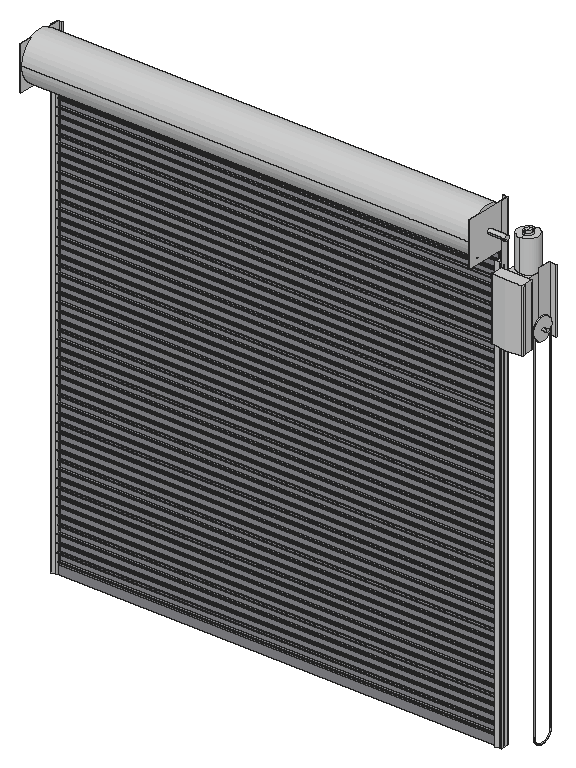
Revit family "Doors_Garage_Overhead-Door-Corporation_Rolling-Steel-Service-Doors-600_", category Specialty Equipment, host Wall, Revit 2019
Family settings
  Host = Wall
  Round Connector Dimension = Use Diameter
  Part Type = Normal
  OmniClass Number = 23.30.10.21.34
  OmniClass Title = Industrial Doors
  Always vertical = Yes
  Cut with Voids When Loaded = Yes
  Shared = No
  Room Calculation Point = No
Parameters (values of type "115 volts, one phase, 60 Hz (110-120V range)")
  Width [instance] = Opening Width + 1/2"  # 120 1/2"
  Voltage = 115 V
  True Opening Width [instance] = Clear Width  # 120"
  True Opening Height [instance] = Clear Height  # 120"
  Slat Material [instance] = Steel - Overhead Door - Gray
  Opening Width [instance] = 120"
  Opening Height [instance] = 120"
  No Hood [instance] = not(Optional Hood)  # yes
  Slat Length [instance] = [Door Width (Real)] + 1/4" * 2 + 3/16" * 2  # 121 3/8"
  Slat Height = 2 1/4"  # constant formula
  Product Page URL = "https://www.overheaddoor.com/rolling-steel-service-doors-600"
  Power Factor = 1
  Powder Coat (Note) = "PowderGuard® Premium powder coat finish options are available in approximately 200 colors as well as custom matching to specification. PowderGuard® Textured finish, a thicker, more scratch resistant coat, is available in 11 colors providing enhanced scratch resistance as well as aiding in hiding the dirt and blemishes that often occur in commercial environments.​"  # constant formula
  Optional Hood [instance] = if(Hood Option > 1, 1 = 1, 1 = 2)  # no
  Opening Width (Real) [instance] = [Door Width (Real)] - 1/2"  # 120"
  Opening Height (Real) [instance] = [Door Height (Real)] - 3"  # 120"
  Number of Poles = 1
  Motor Type [instance] = if([Motor Option (Real)] < 2, "CDX Electric Operator", if([Motor Option (Real)] = 2, "RHX Wall Mount", if([Motor Option (Real)] = 3, "RSX Wall Mount", "RMX Wall Mount")))  # "RHX Wall Mount"
  Motor Option (Real) [instance] = if(Hood Option < 2, if(Motor Option < 2, 2, if(Motor Option = 2, 3, if(Motor Option = 3, 4, 4))), Motor Option)  # 2
  Motor Option [instance] = 1
  Hood Type [instance] = if(Hood Option < 2, "No Hood", "With Hood")  # "No Hood"
  Hood Option [instance] = 1
  Hood Material = Steel - Overhead Door - Gray
  Hood Height [instance] = Headroom Height - 3"  # 12"
  Height [instance] = Opening Height + 3"  # 123"
  Headroom Height [instance] = if(Optional Hood, 18", if(or([Opening Height (Real)] < 132", [Opening Height (Real)] = 132"), 15", if(or([Opening Height (Real)] = 192", [Opening Height (Real)] < 192"), 18", 18")))  # 15"
  Guide Type [instance] = if(or(Guide Option < 1, Guide Option = 1), "Rolled E Guide", "Rolled Z Guide")  # "Rolled E Guide"
  Guide Option [instance] = 1
  Guid Depth [instance] = 2 1/2"  # constant formula
  Frequency = 60 Hz
  Face of Wall Offset [instance] = 2 1/2"  # constant formula
  EO and Chain Hoist = yes
  Door Width (Real) [instance] = if(Width > Max Door Width, Max Door Width, if(Width < Min Door Width, Min Door Width, Width))  # 120 1/2"
  Door Height (Real) [instance] = if(Height > Max Door Height, Max Door Height, if(Height < Min Door Height, Min Door Height, Height))  # 123"
  URL = "https://www.overheaddoor.com/"
  Product data url = "https://www.bimobject.com/overhead-door/product/rolling-steel-service-doors-600"
  Product Guid = "6300f0ea-1663-4e86-aab6-accd1bc8ccd1"
  Model = "600"  # constant formula
  Min Door Width [instance] = 40"  # constant formula
  Min Door Height [instance] = 36"  # constant formula
  Max Door Width [instance] = 192"  # constant formula
  Max Door Height [instance] = 192"  # constant formula
  Manufacturer = "Overhead Door Corporation"  # constant formula
  Wall Closure = By host
  Floor To (CL) of Shaft [instance] = if(Optional Hood, [Opening Height (Real)] + (Headroom Height - 3") / 2 + 3", [Opening Height (Real)] + (Headroom Height - 3") / 2 + 3 1/2")  # 129 1/2"
  Finish Material = Metal - Overhead Door - Galvanized Steel
  Description = "Coil-Away light duty rolling steel service door."  # constant formula
  Electric Operator = yes
  Current = 20 A
  Connector Description = "Rapidflex Large Control Panel"  # constant formula
  Connector Array Distance = 0"  # constant formula
  Connector Array = if(Electric Operator, 3, 2)  # 3
  Clear Width [instance] = [Door Width (Real)] - 1/2"  # 120"
  Clear Height [instance] = [Door Height (Real)] - 3"  # 120"
  Backroom Depth Real [instance] = if(Optional Hood, 15", if(or([Opening Height (Real)] < 132", [Opening Height (Real)] = 132"), 13", if(or([Opening Height (Real)] = 192", [Opening Height (Real)] < 192"), 15", 15")))  # 13"
  Backroom Depth [instance] = if(and(Hood Option > 1, [Motor Option (Real)] < 2), Backroom Depth Real + 13 1/2", Backroom Depth Real)  # 13"
  Array Length [instance] = (Array) * Slat Height + 2 3/4" + 3" - 1/2"  # 126 3/4"
  Array [instance] = rounddown([Door Height (Real)] / Slat Height)  # 54
  Area [instance] = [Door Width (Real)] * [Door Height (Real)]  # 102.927 SF
  Apparent Load Phase 1 = if(Number of Poles = 1, Voltage * Current, (Voltage * Current * sqrt(3)) / 3)  # 2300 VA
Types (5): name | Voltage | Frequency | EO and Chain Hoist | Electric Operator | Current | Connector Array | Apparent Load Phase 1
  115 volts, one phase, 60 Hz (110-120V range) | 115 V | 60 Hz | yes | yes | 20 A | 3 | 2300 VA
  208 volts, one phase, 60 Hz (190-207V range) | 208 V | 60 Hz | yes | yes | 20 A | 3 | 4160 VA
  230 volts, one phase, 60 Hz (208-245V range) | 230 V | 60 Hz | yes | yes | 20 A | 3 | 4600 VA
  Chain Hoist | 0 V | 0 Hz | yes | no | 0 A | 2 | 0 VA
  Manual push-up | 0 V | 0 Hz | no | no | 0 A | 2 | 0 VA
Reference planes (in)
  plane 1 "Center (Front/Back)": y = 0
  plane 2 "Center (Left/Right)": x = 0
  plane 3 "Left": x = -60.25
  plane 4 "Right": x = 60.25
  plane 5 "Exterior": y = 1.5
  plane 6 "Interior": y = -4.5
  plane 7: x = 60
  plane 8: x = -60
  plane 9: z = 120
  plane 10: z = 135
  plane 11 "Main": y = -6.59375
  plane 12: y = -17.5
  plane 13 "Main Door Block": y = -4.5
  plane 14 "Bottom Bar": z = 2.75
  plane 15: y = -7
  plane 16: x = -58.62332
  plane 17: x = -58.62332
  plane 18: x = 58.62332
  plane 19: z = 126.75
  plane 20: z = 129.5
  plane 21: x = 61.9375
Forms (in)
  Extrusion 1, void
    sketch origin (0, -4.5, 0) x (0, 0, -1) y (-1, 0, 0)
      loop
        line (-120, 60) -> (-120, -60) -> (0, -60) -> (0, 60) -> (-120, 60)
    from 0 to 6
Text (in)
  text "Exterior" at (-74.96733, 27.31104, 0), in view "Ref. Level"
  text "Interior" at (-74.96733, -25.14366, 0), in view "Ref. Level"
  text "Exterior" at (0, 40.15149, 123.01588), in view "Right"
  text "Interior" at (0, -64.39139, 123.01588), in view "Right"
  text "Interior" at (0, -31.01599, 123.00693), in view "Left"
  text "Exterior" at (0, 54.57065, 123.00693), in view "Left"
Dimensions and locks (in)
  equal spacing: plane 3 "Left", plane 2 "Center (Left/Right)", plane 4 "Right"
  "Door Width (Real)": plane 3 "Left" to plane 4 "Right"
  level to host wall = 459.59655"
  "Opening Height (Real)": level to plane 9
  plane 8 to plane 2 "Center (Left/Right)" to plane 7 = 60", 60"
  plane 7 to plane 8 = 120"
  locked: plane 1 "Center (Front/Back)" to plane 6 "Interior" at 4.5
  locked: plane 5 "Exterior" to plane 1 "Center (Front/Back)" at 1.5
  equal spacing: plane 7, plane 2 "Center (Left/Right)", plane 8
  locked: plane 14 "Bottom Bar" to level at 2.75
  "Opening Width (Real)": plane 7 to plane 8
  equal spacing: group 1, group 3, group 4, group 5, group 6, group 7, group 8, group 9, group 10, group 11, group 12, group 13, group 14, group 15, group 16, group 17, group 18, group 19, group 20, group 21, group 22, group 23, group 24, group 25, group 26, group 27, group 28, group 29, group 30, group 31, group 32, group 33, group 34, group 35, group 36, group 37, group 38, group 39, group 40, group 41, group 42, group 43, group 44, group 45, group 46, group 47, group 48, group 49, group 50, group 51, group 52, group 53, group 54, group 2  (x3)
  "Face of Wall Offset": plane 15 to plane 6 "Interior"
  "Guid Depth": plane 15 to plane 13 "Main Door Block"
  locked: plane 15 to plane 11 "Main" at 0.40625
  locked: plane 17 to plane 8 at 1.37668
  locked: plane 17 to plane 16
  locked: plane 7 to plane 18 at 1.37668
  "Array Length": plane 19 to level
  "Headroom Height": plane 10 to plane 9
  "Floor To (CL) of Shaft": plane 20 to level
  "Backroom Depth": plane 12 to plane 6 "Interior"
  locked: plane 7 to plane 21 at 1.9375
  aligned and locked: plane 5 "Exterior" to host wall
  aligned and locked: host wall to plane 6 "Interior"
  aligned and locked: plane 2 "Center (Left/Right)" to nested 1
  aligned and locked: plane 14 "Bottom Bar" to nested 1  (x2)
  aligned and locked: nested 1 to plane 11 "Main"
  aligned and locked: nested 2 to plane 11 "Main"
  aligned and locked: plane 2 "Center (Left/Right)" to nested 2
  aligned and locked: Extrusion 1 sketch curve to plane 7
  aligned and locked: level to Extrusion 1 sketch curve
  aligned and locked: plane 9 to Extrusion 1 sketch curve
  aligned and locked: Extrusion 1 to plane 5 "Exterior"
  aligned and locked: plane 6 "Interior" to Extrusion 1
  aligned and locked: plane 2 "Center (Left/Right)" to nested 42
  aligned and locked: plane 13 "Main Door Block" to nested 42
  aligned and locked: nested 42 to level
  aligned and locked: plane 19 to nested 2
  aligned and locked: nested 56 to plane 13 "Main Door Block"
  aligned and locked: plane 10 to nested 56
  aligned and locked: plane 21 to nested 56
Automatic sketch dimensions
  Extrusion 1 sketch curve to plane 8 = 0"
Nested families (in)
  nested 1: "Slat" at (0, -6.59375, 2.75), type "Slat"
    with Opening Width 121 3/8"
  nested 2: "Slat" at (0, -6.59375, 124.125), type "Slat"
    with Opening Width 121 3/8"
  nested 3: "Slat" at (0, -6.59375, 5.04009), type "Slat"
    with Opening Width 121 3/8"
  nested 4: "Slat" at (0, -6.59375, 7.33019), type "Slat"
    with Opening Width 121 3/8"
  nested 5: "Slat" at (0, -6.59375, 9.62028), type "Slat"
    with Opening Width 121 3/8"
  nested 6: "Slat" at (0, -6.59375, 11.91038), type "Slat"
    with Opening Width 121 3/8"
  nested 7: "Slat" at (0, -6.59375, 14.20047), type "Slat"
    with Opening Width 121 3/8"
  nested 8: "Slat" at (0, -6.59375, 16.49057), type "Slat"
    with Opening Width 121 3/8"
  nested 9: "Slat" at (0, -6.59375, 18.78066), type "Slat"
    with Opening Width 121 3/8"
  nested 10: "Slat" at (0, -6.59375, 21.07075), type "Slat"
    with Opening Width 121 3/8"
  nested 11: "Slat" at (0, -6.59375, 23.36085), type "Slat"
    with Opening Width 121 3/8"
  nested 12: "Slat" at (0, -6.59375, 25.65094), type "Slat"
    with Opening Width 121 3/8"
  nested 13: "Slat" at (0, -6.59375, 27.94104), type "Slat"
    with Opening Width 121 3/8"
  nested 14: "Slat" at (0, -6.59375, 30.23113), type "Slat"
    with Opening Width 121 3/8"
  nested 15: "Slat" at (0, -6.59375, 32.52123), type "Slat"
    with Opening Width 121 3/8"
  nested 16: "Slat" at (0, -6.59375, 34.81132), type "Slat"
    with Opening Width 121 3/8"
  nested 17: "Slat" at (0, -6.59375, 37.10142), type "Slat"
    with Opening Width 121 3/8"
  nested 18: "Slat" at (0, -6.59375, 39.39151), type "Slat"
    with Opening Width 121 3/8"
  nested 19: "Slat" at (0, -6.59375, 41.6816), type "Slat"
    with Opening Width 121 3/8"
  nested 20: "Slat" at (0, -6.59375, 43.9717), type "Slat"
    with Opening Width 121 3/8"
  nested 21: "Slat" at (0, -6.59375, 46.26179), type "Slat"
    with Opening Width 121 3/8"
  nested 22: "Slat" at (0, -6.59375, 48.55189), type "Slat"
    with Opening Width 121 3/8"
  nested 23: "Slat" at (0, -6.59375, 50.84198), type "Slat"
    with Opening Width 121 3/8"
  nested 24: "Slat" at (0, -6.59375, 53.13208), type "Slat"
    with Opening Width 121 3/8"
  nested 25: "Slat" at (0, -6.59375, 55.42217), type "Slat"
    with Opening Width 121 3/8"
  nested 26: "Slat" at (0, -6.59375, 57.71226), type "Slat"
    with Opening Width 121 3/8"
  nested 27: "Slat" at (0, -6.59375, 60.00236), type "Slat"
    with Opening Width 121 3/8"
  nested 28: "Slat" at (0, -6.59375, 62.29245), type "Slat"
    with Opening Width 121 3/8"
  nested 29: "Slat" at (0, -6.59375, 64.58255), type "Slat"
    with Opening Width 121 3/8"
  nested 30: "Slat" at (0, -6.59375, 66.87264), type "Slat"
    with Opening Width 121 3/8"
  nested 31: "Slat" at (0, -6.59375, 69.16274), type "Slat"
    with Opening Width 121 3/8"
  nested 32: "Slat" at (0, -6.59375, 71.45283), type "Slat"
    with Opening Width 121 3/8"
  nested 33: "Slat" at (0, -6.59375, 73.74292), type "Slat"
    with Opening Width 121 3/8"
  nested 34: "Slat" at (0, -6.59375, 76.03302), type "Slat"
    with Opening Width 121 3/8"
  nested 35: "Slat" at (0, -6.59375, 78.32311), type "Slat"
    with Opening Width 121 3/8"
  nested 36: "Slat" at (0, -6.59375, 80.61321), type "Slat"
    with Opening Width 121 3/8"
  nested 37: "Slat" at (0, -6.59375, 82.9033), type "Slat"
    with Opening Width 121 3/8"
  nested 38: "Slat" at (0, -6.59375, 85.1934), type "Slat"
    with Opening Width 121 3/8"
  nested 39: "Slat" at (0, -6.59375, 87.48349), type "Slat"
    with Opening Width 121 3/8"
  nested 40: "Slat" at (0, -6.59375, 89.77358), type "Slat"
    with Opening Width 121 3/8"
  nested 41: "Slat" at (0, -6.59375, 92.06368), type "Slat"
    with Opening Width 121 3/8"
  nested 42: "Lifts" at (0, -4.5, 0) x (-1, 0, 0) z (0, 0, 1), type "Frame Unit"
    with Floor To (CL) of Shaft 129 1/2"
  nested 43: "Slat" at (0, -6.59375, 94.35377), type "Slat"
    with Opening Width 121 3/8"
  nested 44: "Slat" at (0, -6.59375, 96.64387), type "Slat"
    with Opening Width 121 3/8"
  nested 45: "Slat" at (0, -6.59375, 98.93396), type "Slat"
    with Opening Width 121 3/8"
  nested 46: "Slat" at (0, -6.59375, 101.22406), type "Slat"
    with Opening Width 121 3/8"
  nested 47: "Slat" at (0, -6.59375, 103.51415), type "Slat"
    with Opening Width 121 3/8"
  nested 48: "Slat" at (0, -6.59375, 105.80425), type "Slat"
    with Opening Width 121 3/8"
  nested 49: "Slat" at (0, -6.59375, 108.09434), type "Slat"
    with Opening Width 121 3/8"
  nested 50: "Slat" at (0, -6.59375, 110.38443), type "Slat"
    with Opening Width 121 3/8"
  nested 51: "Slat" at (0, -6.59375, 112.67453), type "Slat"
    with Opening Width 121 3/8"
  nested 52: "Slat" at (0, -6.59375, 114.96462), type "Slat"
    with Opening Width 121 3/8"
  nested 53: "Slat" at (0, -6.59375, 117.25472), type "Slat"
    with Opening Width 121 3/8"
  nested 54: "Slat" at (0, -6.59375, 119.54481), type "Slat"
    with Opening Width 121 3/8"
  nested 55: "Slat" at (0, -6.59375, 121.83491), type "Slat"
    with Opening Width 121 3/8"
  nested 56: "Motors 600" at (70.3675, -9.58, 102.97), Motor Option <- "Motor Option (Real)", EO <- "Electric Operator", Optional Hood <- "Optional Hood", visible <- "EO and Chain Hoist", type "Trolley Motor"
    with Wall Mount RSX no, Wall Mount RMX no, Wall Mount RHX yes, Vertical Mount 32.03", Top Option Offset 0", Real Exterior Wall Offset 0", Optional Hood no, Motor Type "RHX Operator", Motor Option 2, Horizontal Mount 5.08", Hood Width Real 0", Hood Mount 13.43", Exterior Wall Offset 0", Elavation 0", EO yes, Displacement 0", Countertop Height 0", Connector Position 10.57", Connector Offset 0", Connector Length 2.99", Connector Angle 90.00°, Chain V Offset 6.53", Chain Hoist Real yes, Chain Hoist no, Chain H Offset 0", Chain yes, CL Shaft to Countertop 109 1/2", CDX Operator no, CDX Offset 1.19497", BJ yes, Angle 180.00°
Connectors (in)
  electrical at (73.3575, -9.58, 113.54), driven by "Number of Poles", driven by "Apparent Load Phase 1", driven by "Power Factor", driven by "Voltage"
    settings: on nested 56, index 1, voltage 115 V, apparent load 0 VA, apparent load phase1 2300 VA, apparent load phase2 0 VA, apparent load phase3 0 VA, power factor 1, load classification "Other", number of poles 1, system type 31, power factor state 1, is connector primary yes, connector utility no, sub classification motor no, connector description "Electrical Connector"
Definition of nested family "Slat"
  Parameters (values of type "Slat")
    Opening Width = 114 7/8"
    Interior Panel Material = none
    Exterior Panel Material = none
    Default Elevation = 48"
  Reference planes (in)
    plane 1 "Center (Front/Back)": y = 0
    plane 2: z = 0
    plane 3 "Center (Left/Right)": x = 0
    plane 4: z = 2.625
    plane 5: x = -57.4375
    plane 6: x = 57.4375
    plane 7: y = 0.5625
    plane 8: y = 0
    plane 9: z = 0
  Forms (in)
    Extrusion 1, solid, material <- "Exterior Panel Material"
      sketch origin (0, 0, 0) x (0, 1, 0) y (0, 0, 1)
        loop
          arc (0.15607, 2.41178) -> (0.25948, 2.52951) -> (0.13525, 2.625) r 0.10735
          arc (0.13525, 2.625) -> (0.00315, 2.49746) -> (0.07586, 2.32885) r 0.16141
          line (0.07586, 2.32885) -> (0.29883, 2.18949)
          arc (0.29883, 2.18949) -> (0.45088, 2.02925) -> (0.50618, 1.81538) r 0.44117
          line (0.50618, 1.81538) -> (0.50618, 0.48257)
          arc (0.50618, 0.48257) -> (0.42803, 0.29214) -> (0.30529, 0.12689) r 0.82752
          arc (0.30529, 0.12689) -> (0.24212, 0.10735) -> (0.20045, 0.1587) r 0.05902
          arc (0.20045, 0.1587) -> (0.0643, 0.24368) -> (0.02041, 0.0893) r 0.10042
          arc (0.02041, 0.0893) -> (0.09088, 0.02385) -> (0.18406, 0) r 0.19519
          arc (0.18406, 0) -> (0.27731, 0.02355) -> (0.348, 0.08877) r 0.19519
          arc (0.348, 0.08877) -> (0.47937, 0.26821) -> (0.5625, 0.47449) r 0.89597
          line (0.5625, 0.47449) -> (0.5625, 1.81538)
          arc (0.5625, 1.81538) -> (0.50014, 2.05655) -> (0.32868, 2.23725) r 0.49749
          line (0.32868, 2.23725) -> (0.14758, 2.35044)
          arc (0.14758, 2.35044) -> (0.13195, 2.38386) -> (0.15607, 2.41178) r 0.03393
      from -57.4375 to 57.4375
  Dimensions and locks (in)
    locked: plane 4 to plane 2 at 2.625
    equal spacing: plane 5, plane 3 "Center (Left/Right)", plane 6
    "Opening Width": plane 5 to plane 6
    locked: plane 1 "Center (Front/Back)" to plane 7 at 0.5625
    aligned and locked: plane 2 to level
    aligned and locked: plane 5 to Extrusion 1
    aligned and locked: plane 6 to Extrusion 1
    aligned and locked: plane 1 "Center (Front/Back)" to plane 8
    aligned and locked: level to plane 9
  Automatic sketch dimensions
    Extrusion 1 sketch curve to Extrusion 1 sketch curve = 0"  (x5)
    Extrusion 1 sketch curve to plane 4 = 0"  (x2)
    Extrusion 1 sketch curve to plane 7 = 0"
    plane 7 to Extrusion 1 sketch curve = 0.05632"
    plane 7 to Extrusion 1 sketch curve = 0.23382"
    Extrusion 1 sketch curve to Extrusion 1 sketch curve = 0.02985"
    Extrusion 1 sketch curve to plane 1 "Center (Front/Back)" = 0.25925"
    Extrusion 1 sketch curve to Extrusion 1 sketch curve = 0.07488"
    Extrusion 1 sketch curve to plane 1 "Center (Front/Back)" = 0.16556"
    Extrusion 1 sketch curve to Extrusion 1 sketch curve = 0.00415"
    Extrusion 1 sketch curve to Extrusion 1 sketch curve = 0.00876"
    Extrusion 1 sketch curve to Extrusion 1 sketch curve = 0.01798"
    Extrusion 1 sketch curve to Extrusion 1 sketch curve = 0.08396"
    Extrusion 1 sketch curve to Extrusion 1 sketch curve = 0.07171"
    Extrusion 1 sketch curve to plane 1 "Center (Front/Back)" = 0.06501"
    plane 1 "Center (Front/Back)" to Extrusion 1 sketch curve = 0.29251"
    Extrusion 1 sketch curve to Extrusion 1 sketch curve = 0.01115"
    level to Extrusion 1 sketch curve = 0.14998"
    Extrusion 1 sketch curve to Extrusion 1 sketch curve = 0.01385"
    Extrusion 1 sketch curve to Extrusion 1 sketch curve = 0.03136"
    Extrusion 1 sketch curve to Extrusion 1 sketch curve = 0.31066"
    Extrusion 1 sketch curve to Extrusion 1 sketch curve = 0.00809"
    Extrusion 1 sketch curve to Extrusion 1 sketch curve = 0.00455"
    Extrusion 1 sketch curve to plane 4 = 0.80962"
    Extrusion 1 sketch curve to Extrusion 1 sketch curve = 0.13935"
    Extrusion 1 sketch curve to Extrusion 1 sketch curve = 0.02159"
    Extrusion 1 sketch curve to Extrusion 1 sketch curve = 0.08651"
    level to Extrusion 1 sketch curve = 0.08877"
    Extrusion 1 sketch curve to Extrusion 1 sketch curve = 0.04271"
    Extrusion 1 sketch curve to level = 0"
    Extrusion 1 sketch curve to Extrusion 1 sketch curve = 0.54913"
Definition of nested family "Lifts"
  Parameters (values of type "Frame Unit")
    Z Offset = 0" + Guide Offset  # 1/4"
    Z Guide = if(Guide Option > 1, 1 = 1, 1 = 2)  # no
    Void Width = 1"  # constant formula
    Void Offset = 0"  # constant formula
    True Opening Width = Opening Width - Guid Width * 2  # 115.874"
    Standard Hood = not(Optional Hood)  # yes
    Shaft Offset = if(Standard Hood, Header Width / 2 - 1/8", Radius Hood)  # 6 3/8"
    Shaft Material = none
    Shaft Length 2 = if(Optional Hood, 7", 5")  # 5"
    Shaft Length 1 = if(Optional Hood, 10", 7")  # 7"
    Radius Hood = (Hood Height) / 2  # 6"
    Optional Hood = no
    Opening Width = 120"
    Manual = if(not(Electric Operator), if(or(Area < 120" * 120", Area = 120" * 120"), 1 = 1, 1 = 2), 1 = 2)  # no
    Interior Panel Material = none
    Hood Material = none
    Hood Height = Headroom Height - 3"  # 12"
    Headroom Height = 15"
    Header Width = 13"
    Guide Position = if(Guide Option < 2, 1 3/8", 1 5/8")  # 1 3/8"
    Guide Offset = 1/4"  # constant formula
    Guid Width = if(Guide Option < 2, 2.063", 3 3/4")  # 2.063"
    Opening Height = 120"
    Guide Type = if(or(Guide Option < 1, Guide Option = 1), "Rolled E Guide", "Rolled Z Guide")  # "Rolled E Guide"
    Guide Option = 1
    Guid Displacement = 1.688"  # constant formula
    Floor To (CL) of Shaft [instance] = if(Optional Hood, Opening Height + (Headroom Height - 3") / 2 + 3", Opening Height + (Headroom Height - 3") / 2 + 3 1/2")  # 129 1/2"
    Finish Material = none
    Face to Wall Mount = not(Between Jambs)  # yes
    F Tube = 1 = 2  # no
    Exterior Panel Material = none
    Electric Operator = yes
    E Guide Masking SJ = if(Guide Option < 2, 1 = 1, 1 = 2)  # yes
    E Guide Masking Other = 1 = 2  # no
    E Guide = not(Z Guide)  # yes
    Chain Hoist = if(not(Electric Operator), if(Area > 120" * 120", 1 = 1, 1 = 2), 1 = 2)  # no
    Between Jambs Displacement = 0"
    Between Jambs = no
    BJ Position = 0"  # constant formula
    BJ Offset = 0"  # constant formula
    Area = Opening Height * True Opening Width  # 96.5617 SF
    Analytic Construction = "<None>"
  Reference planes (in)
    plane 1 "Center (Front/Back)": y = 0
    plane 2: z = 0
    plane 3 "Center (Left/Right)": x = 0
    plane 4 "Left": x = -60
    plane 5 "Right": x = 60
    plane 6 "Opening Height": z = 120
    plane 7: x = -67
    plane 8: x = 65
    plane 9: z = 135
    plane 10: y = 13
    plane 11: x = -60.25
    plane 12: y = 2.5
    plane 13: x = 60.25
    plane 14: x = -60.25
    plane 15: x = 60.25
    plane 16 "Real Opening 2": x = -60
    plane 17 "Real Opening 1": x = 60
    plane 18: x = 60.25
    plane 19: x = -60.25
    plane 20: x = 62.063
    plane 21: x = -62.063
    plane 22: z = 123
    plane 23 "Main": y = 0
    plane 24: z = 129.5
    plane 25: y = 6.625
    plane 26: x = -61.9375
    plane 27: x = 61.9375
    plane 28: x = -61.6875
    plane 29: x = 61.6875
    plane 30: z = 136
  Forms (in)
    Extrusion 1, solid, material <- "Finish Material"
      sketch origin (0, 0, 0) x (1, 0, 0) y (0, 1, 0)
        loop
          line (-60.4375, 2.5) -> (-61.75, 2.5)
          arc (-61.75, 2.5) -> (-61.88258, 2.44508) -> (-61.9375, 2.3125) r 0.1875
          line (-61.9375, 2.3125) -> (-61.9375, 1.3125)
          arc (-61.9375, 1.3125) -> (-61.88258, 1.17992) -> (-61.75, 1.125) r 0.1875
          line (-61.75, 1.125) -> (-60.4375, 1.125)
          arc (-60.4375, 1.125) -> (-60.25, 1.3125) -> (-60.4375, 1.5) r 0.1875
          line (-60.4375, 1.5) -> (-60.6875, 1.5) -> (-60.6875, 2.125) -> (-60.4375, 2.125)
          arc (-60.4375, 2.125) -> (-60.25, 2.3125) -> (-60.4375, 2.5) r 0.1875
        loop
          arc (60.4375, 2.5) -> (60.25, 2.3125) -> (60.4375, 2.125) r 0.1875
          line (60.4375, 2.125) -> (60.6875, 2.125) -> (60.6875, 1.5) -> (60.4375, 1.5)
          arc (60.4375, 1.5) -> (60.25, 1.3125) -> (60.4375, 1.125) r 0.1875
          line (60.4375, 1.125) -> (61.75, 1.125)
          arc (61.75, 1.125) -> (61.88258, 1.17992) -> (61.9375, 1.3125) r 0.1875
          line (61.9375, 1.3125) -> (61.9375, 2.3125)
          arc (61.9375, 2.3125) -> (61.88258, 2.44508) -> (61.75, 2.5) r 0.1875
          line (61.75, 2.5) -> (60.4375, 2.5)
      from 0 to 120
    Extrusion 2, solid, material <- "Interior Panel Material"
      sketch origin (0, 0, 0) x (0, 1, 0) y (0, 0, 1)
        loop
          line (2.125, 2.75) -> (1.8125, 2.75) -> (1.5, 2.75) -> (1.5, 2.375) -> (2.125, 2.375) -> (2.125, 2.75)
      from -61.9375 to 61.9375
    Extrusion 3, solid, material <- "Interior Panel Material"
      sketch origin (0, 0, 0) x (0, 1, 0) y (0, 0, 1)
        loop
          line (2.125, 2.375) -> (1.5, 2.375) -> (1.5, 0) -> (1.6875, 0) -> (2.125, 0) -> (2.125, 2.375)
      from -61.9375 to 61.9375
    Extrusion 4, solid, material <- "Shaft Material"
      sketch origin (0, -5.35201, 0) x (0, 1, 0) y (0, 0, 1)
        loop
          circle (11.97701, 129.5) r 0.6
      from -67 to 65
    Extrusion 5, solid, material <- "Finish Material", visible <- "E Guide"
      sketch origin (0, 0, 0) x (1, 0, 0) y (0, 1, 0)
        loop
          arc (-62.063, 0.25) -> (-61.98978, 0.07322) -> (-61.813, 0) r 0.25
          line (-61.813, 0) -> (-60.688, 0) -> (-60.688, 0.125) -> (-61.813, 0.125)
          arc (-61.813, 0.125) -> (-61.90139, 0.16161) -> (-61.938, 0.25) r 0.125
          line (-61.938, 0.25) -> (-61.938, 2.3125) -> (-62.063, 2.3125) -> (-62.063, 0.25)
        loop
          line (62.063, 0.25) -> (62.063, 2.3125) -> (61.938, 2.3125) -> (61.938, 0.25)
          arc (61.938, 0.25) -> (61.90139, 0.16161) -> (61.813, 0.125) r 0.125
          line (61.813, 0.125) -> (60.688, 0.125) -> (60.688, 0) -> (61.813, 0)
          arc (61.813, 0) -> (61.98978, 0.07322) -> (62.063, 0.25) r 0.25
      from 0 to 135
    Extrusion 6, solid, material <- "Finish Material", visible <- "Z Guide"
      sketch origin (0, 0, 0) x (1, 0, 0) y (0, 1, 0)
        loop
          line (61.9375, 2.3125) -> (61.9375, 0.25)
          arc (61.9375, 0.25) -> (62.01072, 0.07322) -> (62.1875, 0) r 0.25
          line (62.1875, 0) -> (63.7505, 0) -> (63.7505, 0.125) -> (62.25196, 0.125)
          arc (62.25196, 0.125) -> (62.11799, 0.18049) -> (62.0625, 0.31446) r 0.18946
          line (62.0625, 0.31446) -> (62.0625, 2.3125) -> (61.9375, 2.3125)
        loop
          line (-61.9375, 2.3125) -> (-62.0625, 2.3125) -> (-62.0625, 0.25)
          arc (-62.0625, 0.25) -> (-62.09911, 0.16161) -> (-62.1875, 0.125) r 0.125
          line (-62.1875, 0.125) -> (-63.7505, 0.125) -> (-63.7505, 0) -> (-62.1875, 0)
          arc (-62.1875, 0) -> (-62.01072, 0.07322) -> (-61.9375, 0.25) r 0.25
          line (-61.9375, 0.25) -> (-61.9375, 2.3125)
      from 0 to 135
    Extrusion 7, solid, material <- "Hood Material", visible <- "Optional Hood"
      sketch origin (-62.063, -3.89812, 300) x (0, -1, 0) y (0, 0, 1)
        loop
          line (-4.02312, -177) -> (-4.02312, -163.5) -> (-4.89812, -163.5) -> (-4.89812, -165) -> (-10.89812, -165)
          arc (-10.89812, -165) -> (-16.89812, -171) -> (-10.89812, -177) r 6
          line (-10.89812, -177) -> (-4.02312, -177)
      from -0.3755 to -123.7505
    Extrusion 8, solid, material <- "Finish Material", visible <- "Standard Hood"
      sketch origin (0, 0, 0) x (1, 0, 0) y (0, 1, 0)
        loop
          line (-61.9375, 13) -> (-61.9375, 0.125) -> (-61.6875, 0.125) -> (-61.6875, 13) -> (-61.9375, 13)
        loop
          line (61.6875, 13) -> (61.6875, 0.125) -> (61.9375, 0.125) -> (61.9375, 13) -> (61.6875, 13)
      from 123 to 135
    Extrusion 9, solid, material <- "Shaft Material", visible <- "Standard Hood"
      sketch origin (0, 0, 0) x (0, 1, 0) y (0, 0, 1)
        loop
          circle (6.625, 129.5) r 6.375
      from -61.6875 to 61.6875
    Extrusion 10, solid, material <- "Finish Material", visible <- "Optional Hood"
      sketch origin (0, 0, 0) x (0, 1, 0) y (0, 0, 1)
        loop
          line (0.125, 135) -> (0.125, 123) -> (7, 123)
          arc (7, 123) -> (13, 129) -> (7, 135) r 6
          line (7, 135) -> (0.125, 135)
      from -61.9375 to 61.9375
    Extrusion 11, void
      sketch origin (0, 0, 0) x (0, 1, 0) y (0, 0, 1)
        loop
          line (13, 135) -> (0.125, 135) -> (0.125, 123) -> (13, 123) -> (13, 135)
      from -61.6875 to 61.6875
  Cuts and joins
    Extrusion 11 cuts Extrusion 10
  Lines and regions (in)
    Masking region 1, visible <- "E Guide Masking SJ"
      outline origin (0, 0, 0) x (1, 0, 0) y (0, 1, 0)
        loop
          line (-61.938, 0.25) -> (-61.938, 2.3125) -> (-62.063, 2.3125) -> (-62.063, 0.25)
          arc (-62.063, 0.25) -> (-61.98978, 0.07322) -> (-61.813, 0) r 0.25
          line (-61.813, 0) -> (-60.688, 0) -> (-60.688, 0.125) -> (-61.813, 0.125)
          arc (-61.813, 0.125) -> (-61.90139, 0.16161) -> (-61.938, 0.25) r 0.125
        loop
          line (62.063, 2.3125) -> (61.938, 2.3125) -> (61.938, 0.25)
          arc (61.938, 0.25) -> (61.90139, 0.16161) -> (61.813, 0.125) r 0.125
          line (61.813, 0.125) -> (60.688, 0.125) -> (60.688, 0) -> (61.813, 0)
          arc (61.813, 0) -> (61.98978, 0.07322) -> (62.063, 0.25) r 0.25
          line (62.063, 0.25) -> (62.063, 2.3125)
    Masking region 2, visible <- "Z Guide"
      outline origin (0, 0, 0) x (1, 0, 0) y (0, 1, 0)
        loop
          line (61.9375, 2.3125) -> (61.9375, 0.25)
          arc (61.9375, 0.25) -> (62.01072, 0.07322) -> (62.1875, 0) r 0.25
          line (62.1875, 0) -> (63.7505, 0) -> (63.7505, 0.125) -> (62.25196, 0.125)
          arc (62.25196, 0.125) -> (62.11799, 0.18049) -> (62.0625, 0.31446) r 0.18946
          line (62.0625, 0.31446) -> (62.0625, 2.3125) -> (61.9375, 2.3125)
        loop
          line (-62.0625, 2.3125) -> (-62.0625, 0.25)
          arc (-62.0625, 0.25) -> (-62.09911, 0.16161) -> (-62.1875, 0.125) r 0.125
          line (-62.1875, 0.125) -> (-63.7505, 0.125) -> (-63.7505, 0) -> (-62.1875, 0)
          arc (-62.1875, 0) -> (-62.01072, 0.07322) -> (-61.9375, 0.25) r 0.25
          line (-61.9375, 0.25) -> (-61.9375, 2.3125) -> (-62.0625, 2.3125)
    Masking region 3
      outline origin (0, 0, 0) x (1, 0, 0) y (0, 1, 0)
        loop
          line (65, 7.225) -> (61.9375, 7.225) -> (61.9375, 6.025) -> (65, 6.025) -> (65, 7.225)
        loop
          line (-67, 6.025) -> (-61.9375, 6.025) -> (-61.9375, 7.225) -> (-67, 7.225) -> (-67, 6.025)
    Masking region 4, visible <- "E Guide Masking Other"
      outline origin (0, 0, 0) x (1, 0, 0) y (0, 1, 0)
        loop
          line (-60.688, 0.125) -> (-61.813, 0.125)
          arc (-61.813, 0.125) -> (-61.90139, 0.16161) -> (-61.938, 0.25) r 0.125
          line (-61.938, 0.25) -> (-61.938, 2.3125) -> (-62.063, 2.3125) -> (-62.063, 0.25)
          arc (-62.063, 0.25) -> (-61.98978, 0.07322) -> (-61.813, 0) r 0.25
          line (-61.813, 0) -> (-60.688, 0) -> (-60.688, 0.125)
        loop
          line (60.688, 0) -> (61.813, 0)
          arc (61.813, 0) -> (61.98978, 0.07322) -> (62.063, 0.25) r 0.25
          line (62.063, 0.25) -> (62.063, 2.3125) -> (61.938, 2.3125) -> (61.938, 0.25)
          arc (61.938, 0.25) -> (61.90139, 0.16161) -> (61.813, 0.125) r 0.125
          line (61.813, 0.125) -> (60.688, 0.125) -> (60.688, 0)
    Masking region 5
      outline origin (0, 0, 0) x (1, 0, 0) y (0, 1, 0)
        loop
          line (-61.9375, 13) -> (-61.9375, 0.125) -> (61.9375, 0.125) -> (61.9375, 13) -> (-61.9375, 13)
    symbolic lines, visible <- "Optional Hood"
      curve 1: line (-61.6875, 1, 0) -> (61.6875, 1, 0)
    symbolic lines
      curve 2: line (61.6875, 13, 0) -> (61.6875, 0, 0)
      curve 3: line (-61.6875, 0.125, 0) -> (-61.6875, 13, 0)
  Dimensions and locks (in)
    Extrusion 2 sketch curve to level = 2 3/8"
    locked: Extrusion 2 sketch curve to level at 2.75
    locked: plane 1 "Center (Front/Back)" to Extrusion 2 sketch curve at 1.5
    locked: Extrusion 2 sketch curve to Extrusion 2 sketch curve at 0.625
    locked: Extrusion 3 sketch curve to level at 2.375
    plane 10 to plane 1 "Center (Front/Back)" = 13"
    locked: Extrusion 1 sketch curve to plane 11 at 0.1875  (x2)
    locked: plane 1 "Center (Front/Back)" to plane 12 at 2.5
    locked: plane 12 to Extrusion 1 sketch curve at 1.375  (x2)
    locked: Extrusion 1 sketch curve to plane 11 at 1.6875
    locked: Extrusion 1 sketch curve to plane 13 at 0.1875  (x2)
    locked: Extrusion 1 sketch curve to plane 13 at 1.6875
    "Z Offset": plane 14 to plane 4 "Left"
    "Guid Displacement": Extrusion 5 sketch curve to plane 14
    locked: Extrusion 5 sketch curve to Extrusion 5 sketch curve at 0.125  (x3)
    "Guid Displacement": Extrusion 5 sketch curve to plane 15
    "Z Offset": plane 5 "Right" to plane 15
    locked: Extrusion 6 sketch curve to Extrusion 6 sketch curve at 0.125  (x4)
    "BJ Offset": plane 16 "Real Opening 2" to plane 4 "Left"
    "BJ Offset": plane 5 "Right" to plane 17 "Real Opening 1"
    "Opening Width": plane 16 "Real Opening 2" to plane 17 "Real Opening 1"
    equal spacing: plane 16 "Real Opening 2", plane 3 "Center (Left/Right)", plane 17 "Real Opening 1"
    "Guide Offset": plane 5 "Right" to plane 18
    "Guide Offset": plane 19 to plane 4 "Left"
    locked: Extrusion 7 sketch curve to plane 6 "Opening Height" at 3
    "Radius Hood": Extrusion 7 sketch curve to plane 10
    "Opening Height": plane 6 "Opening Height" to level
    "Guid Width": plane 5 "Right" to plane 20
    "Guid Width": plane 21 to plane 4 "Left"
    locked: Extrusion 5 sketch curve to Extrusion 5 sketch curve at 2.1875
    "BJ Position": Extrusion 5 sketch curve to plane 1 "Center (Front/Back)"
    locked: plane 18 to Extrusion 6 sketch curve at 1.6875
    locked: Extrusion 6 sketch curve to plane 19 at 1.6875
    "Guide Position": Extrusion 5 sketch curve to Extrusion 5 sketch curve  (x2)
    locked: plane 22 to plane 6 "Opening Height" at 3
    "BJ Position": plane 23 "Main" to plane 1 "Center (Front/Back)"
    "Header Width": plane 23 "Main" to plane 10
    plane 23 "Main" to Extrusion 7 sketch curve = 1"
    locked: Extrusion 7 sketch curve to plane 9 at 1.5
    "Floor To (CL) of Shaft": plane 24 to level
    "Shaft Offset": Extrusion 4 sketch curve to plane 10
    "Shaft Length 1": plane 7 to plane 4 "Left"
    "Shaft Length 2": plane 5 "Right" to plane 8
    locked: plane 1 "Center (Front/Back)" to Extrusion 3 sketch curve at 1.5
    locked: Extrusion 3 sketch curve to Extrusion 3 sketch curve at 0.625
    "Guid Displacement": Extrusion 6 sketch curve to Extrusion 6 sketch curve  (x2)
    "Shaft Offset": plane 10 to plane 25
    locked: Masking region 3 sketch curve to Masking region 3 sketch curve at 1.2
    locked: Masking region 3 sketch curve to plane 25 at 0.6
    locked: plane 26 to plane 19 at 1.6875
    locked: plane 18 to plane 27 at 1.6875
    locked: plane 1 "Center (Front/Back)" to curve 1 at 1
    locked: Extrusion 8 sketch curve to Extrusion 8 sketch curve at 0.25  (x2)
    locked: plane 29 to plane 27 at 0.25
    locked: plane 28 to plane 16 "Real Opening 2" at 1.6875
    "Headroom Height": plane 9 to plane 6 "Opening Height"
    locked: Extrusion 8 sketch curve to plane 1 "Center (Front/Back)" at 0.125
    locked: plane 1 "Center (Front/Back)" to Masking region 5 sketch curve at 0.125
    locked: Extrusion 7 sketch curve to Extrusion 7 sketch curve at 0.875
    "Shaft Offset": plane 10 to Extrusion 9 sketch curve
    locked: plane 23 "Main" to Extrusion 10 sketch curve at 0.125
    "Radius Hood": Extrusion 10 sketch curve to plane 10
    locked: plane 23 "Main" to Extrusion 11 sketch curve at 0.125
    locked: Extrusion 1 sketch curve to Extrusion 1 sketch curve (radius 3/16")  (x4)
    radius of Extrusion 1 sketch curve = 3/16"  (x4)
    radius of Extrusion 5 sketch curve = 1/4"  (x2)
    radius of Extrusion 5 sketch curve = 1/8"  (x2)
    radius of Extrusion 6 sketch curve = 0.18946"
    radius of Extrusion 6 sketch curve = 1/4"  (x2)
    radius of Extrusion 6 sketch curve = 1/8"
    "Shaft Offset": radius of Extrusion 9 sketch curve
    aligned and locked: plane 2 to level
    aligned and locked: plane 7 to Extrusion 4
    aligned and locked: Extrusion 4 to plane 8
    aligned and locked: plane 12 to Extrusion 1 sketch curve
    aligned and locked: Extrusion 1 sketch curve to plane 12
    aligned and locked: Extrusion 5 sketch curve to Extrusion 5 sketch curve  (x3)
    aligned and locked: plane 11 to plane 19
    aligned and locked: plane 13 to plane 18
    aligned and locked: Extrusion 2 to Extrusion 3
    aligned and locked: Extrusion 3 to Extrusion 2
    aligned and locked: plane 1 "Center (Front/Back)" to Extrusion 6 sketch curve  (x2)
    aligned and locked: plane 6 "Opening Height" to Extrusion 1
    aligned and locked: plane 24 to Extrusion 4 sketch curve
    aligned and locked: plane 9 to Extrusion 6
    aligned and locked: plane 9 to Extrusion 5
    aligned and locked: Masking region 1 sketch curve to Extrusion 5  (x10)
    aligned and locked: Extrusion 2 sketch curve to Extrusion 2 sketch curve
    aligned and locked: Extrusion 3 sketch curve to Extrusion 3 sketch curve
    aligned and locked: level to Extrusion 3 sketch curve
    aligned and locked: Masking region 2 sketch curve to Extrusion 6  (x12)
    aligned and locked: plane 7 to Masking region 3 sketch curve
    aligned and locked: plane 8 to Masking region 3 sketch curve
    aligned and locked: Masking region 3 sketch curve to Masking region 3 sketch curve  (x2)
    aligned and locked: Masking region 4 sketch curve to Extrusion 5  (x2)
    aligned and locked: Extrusion 2 to plane 26
    aligned and locked: Extrusion 2 to plane 27
    aligned and locked: Masking region 3 to plane 27
    aligned and locked: plane 26 to Masking region 3
    aligned and locked: Extrusion 8 sketch curve to plane 26
    aligned and locked: Extrusion 8 sketch curve to plane 10  (x2)
    aligned and locked: Extrusion 8 sketch curve to plane 27
    aligned and locked: plane 9 to Extrusion 8
    aligned and locked: Extrusion 8 to plane 22
    aligned and locked: Masking region 5 sketch curve to plane 26
    aligned and locked: Masking region 5 sketch curve to plane 10
    aligned and locked: Masking region 5 sketch curve to plane 27
    aligned and locked: plane 1 "Center (Front/Back)" to curve 2
    aligned and locked: plane 10 to curve 2
    aligned and locked: plane 24 to Extrusion 9 sketch curve
    aligned and locked: plane 28 to Extrusion 9
    aligned and locked: plane 28 to Extrusion 7
    aligned and locked: plane 29 to curve 2
    aligned and locked: Extrusion 7 to plane 29
    aligned and locked: Extrusion 9 to plane 29
    aligned and locked: plane 28 to curve 1
    aligned and locked: plane 29 to curve 1
    aligned and locked: Extrusion 8 sketch curve to Extrusion 8 sketch curve
    aligned and locked: curve 3 to plane 28
    aligned and locked: curve 3 to Extrusion 7
    aligned and locked: plane 10 to curve 3
    aligned and locked: Extrusion 10 sketch curve to plane 9
    aligned and locked: Extrusion 10 sketch curve to plane 22
    aligned and locked: Extrusion 10 to plane 26
    aligned and locked: Extrusion 10 to plane 27
    aligned and locked: Extrusion 11 sketch curve to plane 10
    aligned and locked: Extrusion 11 sketch curve to plane 9
    aligned and locked: Extrusion 11 sketch curve to plane 22
    aligned and locked: plane 28 to Extrusion 11
    aligned and locked: Extrusion 11 to plane 29
  Automatic sketch dimensions
    Extrusion 1 sketch curve to Extrusion 1 sketch curve = 1/4"  (x2)
    Masking region 1 sketch curve to Masking region 1 sketch curve = 0"
    Extrusion 2 sketch curve to Extrusion 2 sketch curve = 5/16"
    Extrusion 3 sketch curve to Extrusion 3 sketch curve = 7/16"
    Extrusion 6 sketch curve to Extrusion 6 sketch curve = 2 1/16"
    Extrusion 6 sketch curve to Extrusion 6 sketch curve = 1.99804"
    Masking region 4 sketch curve to Masking region 4 sketch curve = 0"  (x4)
    Masking region 4 sketch curve to plane 21 = 0"
    Masking region 4 sketch curve to plane 1 "Center (Front/Back)" = 0"
    plane 1 "Center (Front/Back)" to Masking region 4 sketch curve = 0"
    Masking region 4 sketch curve to plane 20 = 0"
    Masking region 4 sketch curve to Masking region 4 sketch curve = 1/8"  (x3)
    Masking region 4 sketch curve to plane 1 "Center (Front/Back)" = 1/8"
    Masking region 4 sketch curve to Masking region 4 sketch curve = 2 1/16"  (x2)
    plane 19 to Masking region 3 sketch curve = 1 11/16"
    Masking region 3 sketch curve to plane 18 = 1 11/16"
    Extrusion 7 sketch curve to plane 9 = 0"
    radius of Extrusion 4 sketch curve = 0.6"
Definition of nested family "Motors 600"
  Parameters (values of type "Trolley Motor")
    Wall Mount RSX [instance] = if(and(EO, Motor Option = 3), 1 = 1, 1 = 2)  # no
    Wall Mount RMX [instance] = if(and(EO, Motor Option > 3), 1 = 1, 1 = 2)  # no
    Shaft Material = none
    Real Exterior Wall Offset [instance] = if(or(Wall Mount RMX, Wall Mount RSX, Wall Mount RHX), Displacement, Exterior Wall Offset)  # 2"
    Wall Mount RHX [instance] = if(and(EO, Motor Option = 2), 1 = 1, 1 = 2)  # no
    Optional Hood [instance] = yes
    Horizontal Mount [instance] = if(or(Wall Mount RMX, Wall Mount RSX, Wall Mount RHX), 5.08", if(and(EO, Motor Option < 2), 0", if(Optional Hood, Hood Width / 2, (Hood Width / 2) + 0.13")))  # 0"
    Vertical Mount [instance] = if(or(Wall Mount RMX, Wall Mount RSX, Wall Mount RHX), 20.03" + 6" + Hood Height / 2, if(Optional Hood, Hood Height, Hood Height - 1/2"))  # 12"
    Motor Type [instance] = if(Motor Option < 2, "CDX Operator", if(Motor Option = 2, "RHX Operator", if(Motor Option = 3, "RSX Operator", "RMX Operator")))  # "CDX Operator"
    Motor Option [instance] = 1
    Main Material = none
    Hood Width Real [instance] = if(CDX Operator, Hood Width, 0")  # 13"
    Hood Width = 13"
    Hood Material = none
    Hood Height = 12"
    Hood Mount [instance] = if(or(Wall Mount RHX, Wall Mount RMX), 13.43", if(Wall Mount RSX, 18.18", if(CDX Operator, 5", 5")))  # 5"
    Floor To Cl Shaft = 129 1/2"
    Top Option Offset [instance] = 0"  # constant formula
    Exterior Wall Offset [instance] = 2"
    Elavation [instance] = 0"
    EO [instance] = yes
    Displacement [instance] = 2"
    Default Elevation = 48"
    Countertop Height [instance] = 0"
    Connector Position [instance] = if(and(EO, Motor Option > 1), 10.57", Hood Height / 2)  # 6"
    Connector Offset [instance] = if(and(EO, Motor Option < 2), 3.88", if(and(EO, Motor Option > 1), 0", 2"))  # 3.88"
    Connector Length [instance] = if(and(EO, Motor Option < 2), 11 1/4", if(and(EO, Motor Option > 1), 2.99", 2"))  # 11 1/4"
    Connector Angle [instance] = if(and(EO, Motor Option < 2), 180.00°, 90.00°)  # 180.00°
    Chain V Offset [instance] = if(or(Wall Mount RMX, Wall Mount RSX, Wall Mount RHX), 6.53", Hood Height / 2)  # 6"
    Chain Hoist Real [instance] = if(EO, Chain, Chain Hoist)  # no
    Chain Hoist [instance] = not(EO)  # no
    Chain H Offset [instance] = if(or(Wall Mount RMX, Wall Mount RSX, Wall Mount RHX), 0", 0")  # 0"
    Chain [instance] = if(or(Wall Mount RSX, Wall Mount RMX, Wall Mount RHX), 1 = 1, 1 = 2)  # no
    CL Shaft to Countertop [instance] = Floor To Cl Shaft - Elavation - Countertop Height - 20"  # 109 1/2"
    CDX Operator [instance] = if(and(EO, Motor Option < 2), 1 = 1, 1 = 2)  # yes
    CDX Offset [instance] = 1.19497"
    BJ [instance] = yes
    Angle [instance] = 180.00°  # constant formula
  Reference planes (in)
    plane 1 "Center (Front/Back)": y = 0
    plane 2: z = 0
    plane 3 "Center (Left/Right)": x = 0
    plane 4: y = 0
    plane 5: y = 0
    plane 6: z = -103.5
    plane 7: z = -93.5
    plane 8: z = 6
    plane 9 "Chain Hoist": z = 6
    plane 10 "Top Of Hood": z = 12
    plane 11: y = 0
    plane 12: z = 0
    plane 13 "Hood Face": x = 0
    plane 14: x = 5
    plane 15: y = 13
    plane 16 "Wall": y = 15
    plane 17: z = 6
    plane 18: x = 5.13525
  Forms (in)
    Extrusion 1, solid, material <- "Main Material", visible <- "Chain"
      sketch origin (0, 0, 18.8898) x (1, 0, 0) y (0, 1, 0)
        loop
          line (-4.134, -2.41307) -> (4.116, -2.41307) -> (4.116, -2.29347) -> (3.108, -2.29347)
          arc (3.108, -2.29347) -> (3.02315, -2.25832) -> (2.988, -2.17347) r 0.12
          line (2.988, -2.17347) -> (2.988, 4.96193) -> (-2.988, 4.96193) -> (-2.988, -2.17347)
          arc (-2.988, -2.17347) -> (-3.02315, -2.25832) -> (-3.108, -2.29347) r 0.12
          line (-3.108, -2.29347) -> (-4.134, -2.29347) -> (-4.134, -2.41307)
      from -16.64 to 0
    Extrusion 2, solid, material <- "Main Material", visible <- "Chain"
      sketch origin (0, 0, 18.8898) x (1, 0, 0) y (0, 1, 0)
        loop
          line (-4.134, -2.41307) -> (-4.134, -5.05565) -> (-4.3324, -5.05565) -> (-4.3324, -5.3122)
          arc (-4.3324, -5.3122) -> (-4.24466, -5.55085) -> (-4.02324, -5.67585) r 0.36846
          arc (-4.02324, -5.67585) -> (0, -6.0017) -> (4.02324, -5.67585) r 25
          arc (4.02324, -5.67585) -> (4.24466, -5.55085) -> (4.3324, -5.3122) r 0.36846
          line (4.3324, -5.3122) -> (4.3324, -5.05565) -> (4.116, -5.05565) -> (4.116, -2.41307) -> (-4.134, -2.41307)
      from -17 to 0.35839
    Revolve 3, solid, material <- "Main Material", visible <- "Wall Mount RSX"
      sketch origin (2.0828, 5.66524, 0) x (0, -1, 0) y (1, 0, 0)
        loop
          line (5.66524, -9.0813) -> (5.66524, 3.1162) -> (4.82413, 3.1162) -> (4.82413, 2.7162) -> (4.39283, 2.7162) -> (4.39283, 2.4872) -> (2.44007, 2.4872) -> (2.44007, -6.6585) -> (3.79863, -6.6585) -> (3.79863, -7.51105) -> (3.89778, -7.6102) -> (5.36033, -7.6102) -> (5.36033, -7.8313) -> (4.69783, -7.8313) -> (4.69783, -9.0813) -> (5.66524, -9.0813)
        axis (5.66524, -9.0813) -> (5.66524, 3.1162)
      angle from 0 to 360
    Extrusion 4, solid, material <- "Main Material", visible <- "Chain"
      sketch origin (0, 0, 18.8898) x (1, 0, 0) y (0, 1, 0)
        loop
          line (-2.988, 5.08193) -> (-4.988, 5.08193) -> (-4.988, 4.96193) -> (-3.108, 4.96193) -> (-3.108, 1.46193) -> (-2.988, 1.46193) -> (-2.988, 5.08193)
        loop
          line (2.988, 5.08193) -> (2.988, 1.46193) -> (3.108, 1.46193) -> (3.108, 4.96193) -> (4.988, 4.96193) -> (4.988, 5.08193) -> (2.988, 5.08193)
      from -16.64 to 1.14
    Extrusion 5, solid, material <- "Main Material", visible <- "Chain Hoist Real"
      sketch origin (0, 0.00141, 3.59957) x (0, 0, 1) y (0, -1, 0)
        loop
          circle (2.40043, 0.00141) r 3
      from 5.2705 to 5
    Sweep 6, solid, material <- "Main Material", visible <- "Chain Hoist Real"
      path origin (5.13525, -3, 48) x (0, -1, 0) y (0, 0, 1)
        loop
          line (0, -42) -> (0, -141.5)
          arc (0, -141.5) -> (-3, -144.5) -> (-6, -141.5) r 3
          line (-6, -141.5) -> (-6, -42)
      profile origin (5.13525, -3, -43.75) x (-1, 0, 0) y (0, -1, 0)
        loop
          circle (0, -0.1) r 0.1
    Extrusion 7, solid, material <- "Main Material", visible <- "Chain Hoist Real"
      sketch origin (0, 0.00141, 3.59957) x (0, 0, 1) y (0, -1, 0)
        loop
          circle (2.40043, 0.00141) r 0.4
      from 6.5705 to 0
    Extrusion 8, solid, material <- "Hood Material", visible <- "CDX Operator"
      sketch origin (0, -31.90883, 6) x (0, -1, 0) y (1, 0, 0)
        loop
          line (-18.40883, -10.57318) -> (-18.40883, 2.55182) -> (-36.60883, 2.55182) -> (-36.60883, 0) -> (-29.90883, 0) -> (-29.90883, -10.57318) -> (-18.40883, -10.57318)
      from 4.88 to -4.88
    Extrusion 9, solid, not visible
      sketch origin (-3.88, -11.25, 6) x (0, 0, 1) y (-1, 0, 0)
        loop
          circle (0, 0) r 0.25
      from 0 to -1
    Revolve 10, solid, material <- "Main Material", visible <- "Wall Mount RHX"
      sketch origin (0, 0, 0) x (0, 1, 0) y (0, 0, 1)
        loop
          line (4.46693, 18.8898) -> (4.46693, 27.69819) -> (2.89193, 27.69819) -> (2.89193, 28.07819) -> (2.46193, 28.07819) -> (2.46193, 28.47819) -> (1.61193, 28.47819) -> (1.61193, 18.8898) -> (4.46693, 18.8898)
        axis (1.61193, 28.47819) -> (1.61193, 18.8898)
      angle from 0 to 360
  Lines and regions (in)
    reference lines
      curve 1: line (0, 0, 0) -> (0, 0, 18.8898)
      curve 2: line (-3.88, 0, 6) -> (-3.88, 24.92, 6)
      curve 3: line (-3.88, 0, 6) -> (-3.88, -11.25, 6)
  Dimensions and locks (in)
    Extrusion 4 sketch curve to Extrusion 4 sketch curve = 3.62"
    locked: Extrusion 4 sketch curve to Extrusion 4 sketch curve at 0.12  (x3)
    "Chain H Offset": plane 4 to plane 5
    locked: plane 7 to plane 6 at 10
    locked: Sweep 6 sketch curve to profile plane at 0
    locked: Sweep 6 sketch curve to Sweep 6 sketch curve at 6
    "CL Shaft to Countertop": plane 8 to plane 6
    "Horizontal Mount": plane 1 "Center (Front/Back)" to plane 11
    "Top Option Offset": level to plane 12
    "Chain V Offset": plane 9 "Chain Hoist" to plane 12
    equal spacing: Sweep 6 sketch curve, plane 5, Sweep 6 sketch curve
    "Vertical Mount": plane 10 "Top Of Hood" to plane 12
    locked: Extrusion 2 sketch curve to Extrusion 2 sketch curve at 8.25
    locked: Extrusion 2 sketch curve to Extrusion 2 sketch curve at 2.64258
    locked: plane 3 "Center (Left/Right)" to plane 14 at 5
    "Hood Mount": plane 13 "Hood Face" to plane 14
    "Hood Width Real": plane 11 to plane 15
    "Real Exterior Wall Offset": plane 15 to plane 16 "Wall"
    Revolve 3 sketch curve to Revolve 3 sketch curve to Revolve 3 sketch curve to Revolve 3 sketch curve to Revolve 3 sketch curve to Revolve 3 sketch curve to Revolve 3 sketch curve = 1 1/4" locked, 0.2211" locked, 0.9517" locked, 9.1457" locked, 0.229" locked, 0.4" locked
    Revolve 3 sketch curve to Revolve 3 sketch curve to Revolve 3 sketch curve to Revolve 3 sketch curve to Revolve 3 sketch curve to Revolve 3 sketch curve to Revolve 3 sketch curve to Revolve 3 sketch curve = 0.30491" locked, 0.53619" locked, 0.12631" locked, 0.305" locked, 0.49505" locked, 0.09915" locked, 1.35856" locked
    locked: Extrusion 1 sketch curve to Extrusion 1 sketch curve at 0.1196
    locked: Extrusion 1 sketch curve to Extrusion 1 sketch curve at 5.976
    equal spacing: Extrusion 1 sketch curve, curve 1, Extrusion 1 sketch curve
    locked: curve 1 to Extrusion 1 sketch curve at 2.41307
    locked: Extrusion 1 sketch curve to Extrusion 1 sketch curve at 7.375
    equal spacing: Extrusion 4 sketch curve, curve 1, Extrusion 4 sketch curve
    locked: Extrusion 4 sketch curve to curve 1 at 1.46193
    locked: Revolve 3 sketch curve to plane 3 "Center (Left/Right)" at 4.5757
    locked: Extrusion 4 sketch curve to Extrusion 4 sketch curve at 5.976
    locked: Extrusion 4 sketch curve to Extrusion 4 sketch curve at 2
    locked: Extrusion 4 sketch curve to Extrusion 4 sketch curve at 1.88
    locked: Extrusion 1 sketch curve to Extrusion 1 sketch curve at 1.128
    locked: Extrusion 1 sketch curve to Extrusion 1 sketch curve at 1.146
    locked: curve 1 to Extrusion 2 sketch curve at 2.41307
    locked: Extrusion 8 sketch curve to Extrusion 8 sketch curve at 13.125
    locked: Extrusion 8 sketch curve to Extrusion 8 sketch curve at 2.55182
    locked: Extrusion 8 sketch curve to Extrusion 8 sketch curve at 18.2
    locked: curve 1 to Extrusion 8 sketch curve
    locked: curve 1 to Extrusion 8 sketch curve at 13.5
    locked: Extrusion 8 sketch curve to curve 1 at 2
    "Connector Offset": curve 2 to plane 3 "Center (Left/Right)"
    "Connector Length": curve 3 to curve 3
    "Connector Position": plane 17 to level
    locked: Sweep 6 sketch curve to profile plane at 0.1
    Revolve 10 sketch curve to Revolve 10 sketch curve to Revolve 10 sketch curve to Revolve 10 sketch curve = 8.80839" locked, 0.38" locked, 0.4" locked
    Revolve 10 sketch curve to Revolve 10 sketch curve to Revolve 10 sketch curve to Revolve 10 sketch curve = 0.85" locked, 0.43" locked, 1.575" locked
    locked: curve 1 to Revolve 10 sketch curve at 18.8898
    radius of Extrusion 5 sketch curve = 3"
    radius of Sweep 6 sketch curve = 3"
    radius of Sweep 6 sketch curve = 0.1"
    radius of Extrusion 7 sketch curve = 0.4"
    radius of Extrusion 2 sketch curve = 0.36846"  (x2)
    radius of Extrusion 1 sketch curve = 0.12"  (x2)
    radius of Extrusion 2 sketch curve = 25"
    "Angle": angle curve 1 to plane 1 "Center (Front/Back)"
    angle Extrusion 2 sketch curve to Extrusion 2 sketch curve = 90.00°
    locked: Extrusion 2 sketch curve to Extrusion 2 sketch curve (angle 90.00°)
    "Connector Angle": angle curve 3 to curve 2
    aligned and locked: plane 2 to level
    aligned and locked: Revolve 3 sketch curve to Revolve 3 sketch curve
    aligned and locked: plane 1 "Center (Front/Back)" to curve 1
    aligned and locked: level to curve 1
    aligned and locked: plane 1 "Center (Front/Back)" to plane 4
    aligned and locked: Extrusion 4 sketch curve to Extrusion 4 sketch curve  (x3)
    aligned and locked: plane 7 to Sweep 6 sketch curve  (x2)
    aligned and locked: plane 8 to Sweep 6 sketch curve  (x2)
    aligned and locked: plane 5 to Extrusion 5 sketch curve
    aligned and locked: plane 9 "Chain Hoist" to Extrusion 5 sketch curve
    aligned and locked: plane 5 to Extrusion 7 sketch curve
    aligned and locked: plane 9 "Chain Hoist" to Extrusion 7 sketch curve
    aligned and locked: plane 8 to plane 9 "Chain Hoist"
    aligned and locked: Extrusion 2 sketch curve to Extrusion 2 sketch curve
    aligned and locked: Extrusion 1 sketch curve to Extrusion 1 sketch curve
    aligned and locked: plane 1 "Center (Front/Back)" to curve 3
    aligned and locked: curve 3 to curve 2
  Automatic sketch dimensions
    plane 1 "Center (Front/Back)" to Revolve 3 sketch curve = 0"
    Revolve 3 sketch curve to Revolve 3 sketch curve = 0.09915"
    Revolve 3 sketch curve to Revolve 3 sketch curve = 4.7892"
    Revolve 3 sketch curve to plane 14 = 1.9628"
    Extrusion 2 sketch curve to plane 3 "Center (Left/Right)" = 0"
    Extrusion 2 sketch curve to Extrusion 2 sketch curve = 0.1984"
    Extrusion 2 sketch curve to Extrusion 2 sketch curve = 0.15206"
    Extrusion 2 sketch curve to Extrusion 2 sketch curve = 0.25654"
    Extrusion 2 sketch curve to Extrusion 2 sketch curve = 0"  (x2)
    Extrusion 2 sketch curve to Extrusion 2 sketch curve = 0.0593"
    Extrusion 9 sketch curve to plane 17 = 0"
    plane 1 "Center (Front/Back)" to curve 2 = 0"
    curve 2 to plane 16 "Wall" = 9.92"
    Revolve 10 sketch curve to plane 1 "Center (Front/Back)" = 1.61193"  (x2)
    plane 10 "Top Of Hood" to Revolve 10 sketch curve = 2.72319"
    Revolve 10 sketch curve to Revolve 10 sketch curve = 0"
    Extrusion 9 sketch curve to plane 3 "Center (Left/Right)" = 3.88"
    radius of Extrusion 9 sketch curve = 1/4"
  Nested families (in)
    nested 1: "2D_NotScalableMain_29e791da-3db9-4234-ab15-44456784202b" at (0, 0, 18.8898), type "Default"
      with CDX yes
  Definition of nested family "2D_NotScalableMain_29e791da-3db9-4234-ab15-44456784202b"
    Parameters (values of type "Default")
      Wall Mount = no
      RSX = no
      RHX = no
      Chain Hoist = no
      CDX = no
    Reference planes (in)
      plane 1 "Center (Front/Back)": y = 0
      plane 2: z = 0
      plane 3 "Center (Left/Right)": x = 0
    Lines and regions (in)
      Masking region 1, in view "Ref. Level", visible <- "Wall Mount"
        outline origin (0, 0, 0) x (1, 0, 0) y (0, 1, 0)
          loop
            line (-4.988, 4.96193) -> (-3.108, 4.96193) -> (-3.108, 1.46193) -> (-2.988, 1.46193) -> (-2.988, -2.17347)
            arc (-2.988, -2.17347) -> (-3.02315, -2.25832) -> (-3.108, -2.29347) r 0.12
            line (-3.108, -2.29347) -> (-4.134, -2.29347) -> (-4.134, -2.41307) -> (-4.134, -5.05565) -> (-4.3324, -5.05565) -> (-4.3324, -5.3122)
            arc (-4.3324, -5.3122) -> (-4.24466, -5.55085) -> (-4.02324, -5.67585) r 0.36846
            arc (-4.02324, -5.67585) -> (0, -6.0017) -> (4.02324, -5.67585) r 25
            arc (4.02324, -5.67585) -> (4.24466, -5.55085) -> (4.3324, -5.3122) r 0.36846
            line (4.3324, -5.3122) -> (4.3324, -5.05565) -> (4.116, -5.05565) -> (4.116, -2.41307) -> (4.116, -2.29347) -> (3.108, -2.29347)
            arc (3.108, -2.29347) -> (3.02315, -2.25832) -> (2.988, -2.17347) r 0.12
            line (2.988, -2.17347) -> (2.988, -0.4) -> (5, -0.4) -> (5, -3) -> (5.2705, -3) -> (5.2705, -0.4) -> (6.5705, -0.4) -> (6.5705, 0.4) -> (5.2705, 0.4) -> (5.2705, 3) -> (5, 3) -> (5, 0.4) -> (2.988, 0.4) -> (2.988, 1.46193) -> (3.108, 1.46193) -> (3.108, 4.96193) -> (4.988, 4.96193) -> (4.988, 5.08193) -> (2.988, 5.08193) -> (2.988, 4.96193) -> (-2.988, 4.96193) -> (-2.988, 5.08193) -> (-4.988, 5.08193) -> (-4.988, 4.96193)
      Masking region 2, in view "Ref. Level", visible <- "RSX"
        outline origin (0, 0, 0) x (1, 0, 0) y (0, 1, 0)
          loop
            line (-6.9985, -0.96741) -> (-5.7485, -0.96741) -> (-5.7485, -0.30491) -> (-5.5274, -0.30491) -> (-5.5274, -1.76746) -> (-5.42825, -1.86661) -> (-4.5757, -1.86661) -> (-4.5757, -3.22517) -> (-4.134, -3.22517) -> (-4.134, -2.29347) -> (-3.108, -2.29347)
            arc (-3.108, -2.29347) -> (-3.02315, -2.25832) -> (-2.988, -2.17347) r 0.12
            line (-2.988, -2.17347) -> (-2.988, 1.46193) -> (-3.108, 1.46193) -> (-3.108, 3.22517) -> (-4.5757, 3.22517) -> (-4.5757, 1.86661) -> (-5.42825, 1.86661) -> (-5.5274, 1.76746) -> (-5.5274, 0.30491) -> (-5.7485, 0.30491) -> (-5.7485, 0.96741) -> (-6.9985, 0.96741) -> (-6.9985, -0.96741)
          loop
            line (3.108, 3.21193) -> (3.108, 1.46193) -> (2.988, 1.46193) -> (2.988, 0.4) -> (5, 0.4) -> (5, 0.84111) -> (4.799, 0.84111) -> (4.799, 1.27241) -> (4.57, 1.27241) -> (4.57, 3.21193) -> (3.108, 3.21193)
          loop
            line (4.116, -3.21193) -> (4.57, -3.21193) -> (4.57, -1.27241) -> (4.799, -1.27241) -> (4.799, -0.84111) -> (5, -0.84111) -> (5, -0.4) -> (2.988, -0.4) -> (2.988, -2.17347)
            arc (2.988, -2.17347) -> (3.02315, -2.25832) -> (3.108, -2.29347) r 0.12
            line (3.108, -2.29347) -> (4.116, -2.29347) -> (4.116, -3.21193)
      Masking region 3, in view "Ref. Level", visible <- "CDX"
        outline origin (-0.1255, 0, 0) x (1, 0, 0) y (0, 1, 0)
          loop
            line (-10.44768, -11.25) -> (2.67732, -11.25) -> (2.67732, 6.95) -> (0.1255, 6.95) -> (0.1255, -2) -> (-10.44768, -2) -> (-10.44768, -11.25)
      Masking region 4, in view "Ref. Level", visible <- "Chain Hoist"
        outline origin (0, 0, 0) x (1, 0, 0) y (0, 1, 0)
          loop
            line (0, -0.4) -> (5, -0.4) -> (5, -3) -> (5.2705, -3) -> (5.2705, -0.4) -> (6.5705, -0.4) -> (6.5705, 0.4) -> (5.2705, 0.4) -> (5.2705, 3) -> (5, 3) -> (5, 0.4) -> (0, 0.4) -> (0, -0.4)
      reference lines, in view "Ref. Level"
        curve 1: line (0, 0, 0) -> (0, 0.125, 0)
        curve 2: line (0, 0, 0) -> (0.125, 0, 0)
      detail lines, in view "Ref. Level", visible <- "Wall Mount"
        curve 3: line (-2.988, 5.08193, 0) -> (-2.988, 1.46193, 0)
        curve 4: line (2.988, 5.08193, 0) -> (2.988, 1.46193, 0)
        curve 7: line (2.988, 1.46193, 0) -> (2.988, -2.17347, 0)
        curve 8: line (-4.134, -2.29347, 0) -> (4.116, -2.29347, 0)
        curve 9: line (-4.134, -2.41307, 0) -> (4.116, -2.41307, 0)
      detail lines, in view "Ref. Level", visible <- "Chain Hoist"
        curve 5: line (5, 3, 0) -> (5, -3, 0)
        curve 6: line (5.2705, 3, 0) -> (5.2705, -3, 0)
      detail lines, in view "Ref. Level", visible <- "RSX"
        curve 10: line (-5.7485, 0.96741, 0) -> (-5.7485, -0.96741, 0)
        curve 11: line (-5.5274, 0.30491, 0) -> (-5.5274, -0.30491, 0)
        curve 12: line (-5.42825, -1.86661, 0) -> (-5.42825, 1.86661, 0)
        curve 13: line (-4.5757, 1.86661, 0) -> (-4.5757, -1.86661, 0)
        curve 14: line (4.799, 0.84111, 0) -> (4.799, 0.4, 0)
        curve 15: line (4.799, -0.4, 0) -> (4.799, -0.84111, 0)
        curve 16: line (4.57, -1.27241, 0) -> (4.57, -0.4, 0)
        curve 17: line (4.57, 1.27241, 0) -> (4.57, 0.4, 0)
      detail lines, in view "Ref. Level", visible <- "RHX"
        curve 18: circle (0, 1.61193, 0) r 2.855 normal (0, 0, 1)
        curve 19: circle (0, 1.61193, 0) r 1.28 normal (0, 0, 1)
        curve 20: circle (0, 1.61193, 0) r 0.85 normal (0, 0, 1)
    Dimensions and locks (in)
      curve 1 to curve 1 = 1/8"
      curve 2 to curve 2 = 1/8"
      aligned and locked: plane 1 "Center (Front/Back)" to curve 1
      aligned and locked: plane 3 "Center (Left/Right)" to curve 1
      aligned and locked: plane 1 "Center (Front/Back)" to curve 2
